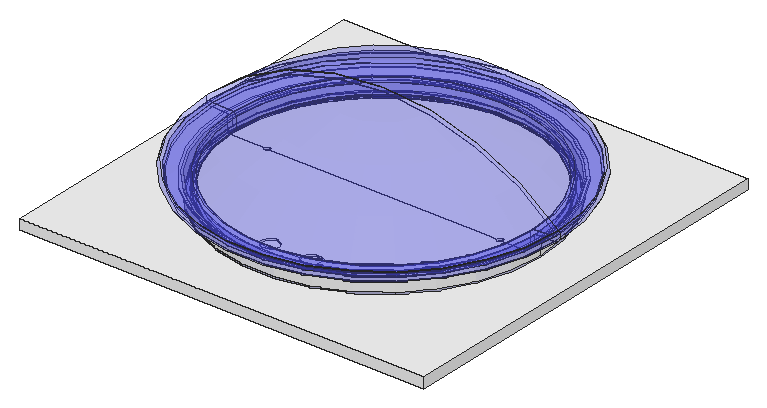
Revit family "BE_12143_de_DE", category Leuchten, Revit 2020
Family settings
  Basisbauteil = Fläche
  Bemaßung runder Anschluss = Durchmesser verwenden
  Teiletyp = Normal
  Beim Laden mit Abzugskörper schneiden = Ja
  Lichtquelle = Ja
  Gemeinsam genutzt = Nein
  Raumberechnungspunkt = Ja
Parameters (values of type "BEGA_12143_K3")
  built-in parameter 1150104 = 12.124 (stored number, unit not read)
  Wattage = 26.9 W
  Default Elevation = 0 mm
  built-in parameter 1150113 = 1 (stored number, unit not read)
  built-in parameter 1114218 = 1 (stored number, unit not read)
  Umgebungstemperatur = "25 °C"
  URL = "https://www.bega.com/de/produkt/12143"
  Typenkommentare = "© 2022 BEGA. Wir behalten uns das Recht vor, technische Änderungen ohne vorherige Ankündigung vorzunehmen."  # constant formula
  built-in parameter 1150134 = 12
  built-in parameter 1150109 = 1 (stored number, unit not read)
  Strom = ""
  built-in parameter 1150110 = 1 (stored number, unit not read)
  Spannung = 230 V
  Sonderanfertigung = no
  Seriennummer [instance] = "Hier können Sie die eindeutige Seriennummer für das Facility Management eintragen."
  Schutzklasse = "I"
  Schutzart = "IP 20"
  Scheinlast = 0 VA
  Produktdatenblatt = "http://www.bega.de/download/Xrfa/db/12143.db.de.pdf"
  Oberflächentemperatur = ""
  Neigungswinkel = 0.00°
  Model = "12143K4"
  Material_17 = BEGA_Reflektor
  Material_15 = BEGA_Leuchtmedium_matt
  Material_11 = BEGA_Glas_opal
  Material_09 = BEGA_Glas_klar
  Material_06 = BEGA_Oberfläche_Edelstahl_gebürstet
  Material_03 = BEGA_Oberfläche_Weiss_matt
  Material_02 = BEGA_Oberfläche_Silber_matt
  Material_01 [instance] = BEGA_Oberfläche_Grafit_matt
  M_W = no
  M_G = no
  M_A = no
  Logo = 0
  built-in parameter 1114217 = 1 (stored number, unit not read)
  built-in parameter 1150139 = (empty or 0)
  built-in parameter 1150105 = 984.85 (stored number, unit not read)
  built-in parameter 1150114 = 1 (stored number, unit not read)
  Lumens = 3510.45 lm
  built-in parameter 1150115 = 1 (stored number, unit not read)
  Leuchtenlichtstrom = "2296 lm"
  Leuchtenanzahl = ""
  Lebensdauerkriterien = "L70B50 @ 25 °C = 106000 h"
  Lastklassifizierung = Beleuchtung
  built-in parameter 1150112 = 1 (stored number, unit not read)
  Lampenlichtstrom = "3510 lm"
  Lamp = "LED 26.9 W"
  LED_Modulbezeichnung = "LED-0510/940"
  Hersteller = "BEGA"  # constant formula
  Halbstreuwinkel = ""
  Gewicht = "2.6 kg"
  Gebrauchslageneinschränkung [instance] = ""
  Frequenz = "50 Hz"
  Farbwiedergabeindex = "CRI > 90"
  Farbtemperaturverschiebung bei Dämpfen der Lampe = <Keine Auswahl>
  Farbtemperatur = "4000 K"
  Color Filter = 16777215
  built-in parameter 1150133 = 10 (stored number, unit not read)
  Energieeffizienzklasse = "LED A++ - A"
  built-in parameter 1150137 = (empty or 0)
  built-in parameter 1150132 = (empty or 0)
  ENEC = ""
  Dimmbar [instance] = ""
  Photometric Web File = "BE_12143K4.IES"
  CE_Konformität = "ja"
  Bestellnummer = "12143K4"
  Beschreibung_Sonderanfertigung = "Hier können Sie Informationen zur Sonderanfertigung eintragen."
  Beschreibung = "Decken- und Wandleuchte"
  built-in parameter 1150106 = 9.8485 (stored number, unit not read)
  Befestigungsbohrung = "Ø 5,5 mm"
  Befestigungsabstand = "230 mm"
  Ballwurfsicher = ""
  BEGA_Intern_aus = yes
  BEGA_Intern_an = yes
  BEGA_Intern_Konstruktion = yes
  BEGA_Intern = yes
  BEGA_IES = yes
  BEGA_Dummy = no
  Anschlussleitung = ""
  Anschlussleistung [instance] = "32.6 W"
  Anschlusskasten = ""
  built-in parameter 1150107 = 4000 (stored number, unit not read)
  built-in parameter 1150102 = (empty or 0)
  built-in parameter 1150138 = (empty or 0)
  Aktualisierung = "2020-07-27T04:00:12"
  Abstand_zur_angestrahlten_Fläche [instance] = ""
  AC/DC = "AC"
Types (2, lengths in mm): name | built-in parameter 1150104 | built-in parameter 1150134 | Model | built-in parameter 1150105 | Lumens | Leuchtenlichtstrom | Lampenlichtstrom | LED_Modulbezeichnung | Farbtemperatur | Photometric Web File | Bestellnummer | built-in parameter 1150106 | built-in parameter 1150107
  BEGA_12143_K3 | 11.687 (stored number, unit not read) | (empty or 0) | "12143K3" | 949.36 (stored number, unit not read) | 3384.02 lm | "2598 lm" | "3970 lm" | "LED-0510/930" | "3000 K" | "BE_12143K3.IES" | "12143K3" | 9.4936 (stored number, unit not read) | 3000 (stored number, unit not read)
  BEGA_12143_K27 | 12.124 (stored number, unit not read) | 12 | "12143K27" | 984.85 (stored number, unit not read) | 3510.45 lm | "2516 lm" | "3845 lm" | "LED-0510/927" | "2700 K" | "BE_12143K27.IES" | "12143K27" | 9.8485 (stored number, unit not read) | 4000 (stored number, unit not read)
Reference planes
  plane 1 "Mitte (Vorne/Hinten)": y = 0
  plane 2: z = 0
  plane 3 "Mitte (Links/Rechts)": x = 0
  plane 4 "Links": x = -175.231
  plane 5 "Rechts": x = 175.231
  plane 6 "Unten": y = -175.2
  plane 7 "Oben": y = 175.2
  plane 8 "Vorne": z = 98.4
  plane 9 "Hinten": z = 0
Forms (mm)
  Extrusion 1, solid, material "BEGA_Platte_Weiss"
    sketch origin (0, -1119.2, 0) x (1, 0, 0) y (0, 1, 0)
      loop
        line (-200, 1319.2) -> (-200, 919.2) -> (200, 919.2) -> (200, 1319.2) -> (-200, 1319.2)
    from 0 to -10
  Extrusion 2, solid, material "BEGA_Dummy_matt", visible <- "BEGA_Dummy"
    sketch origin (77.149, -76.023, 0) x (1, 0, 0) y (0, 1, 0)
      loop
        circle (-77.149, 76.023) r 175
    from 0 to 98.4
Dimensions and locks
  plane 1 "Mitte (Vorne/Hinten)" to Extrusion 1 = 200 mm
  aligned and locked: plane 2 to Extrusion 1
  aligned and locked: level to Extrusion 1
Nested families
  nested 1: "BE_12143" at (0, 0, 0) x (0, -1, 0) z (0, 0, 1), type "BE_12143"
Connectors
  electrical at (0, 0, 0), driven by "Lastklassifizierung", driven by "Spannung", driven by "Scheinlast"
    settings: index 1, voltage 230 V, apparent load 0 VA, apparent load phase1 0 VA, apparent load phase2 0 VA, apparent load phase3 0 VA, power factor 1, load classification "Beleuchtung", number of poles 1, system type 31, power factor state 1, is connector primary yes, connector utility no, sub classification motor no, connector description ""
Definition of nested family "BE_12143"
  Parameters (values of type "BE_12143")
    Default Elevation = 1 mm
    URL = "http://www.bega.de/de/produkt"
    Type Comments = "© 2015 BEGA. Wir behalten uns das Recht vor, technische Änderungen ohne vorherige Ankündigung vorzunehmen. "  # constant formula
    Type Image = (empty or 0)
    Neigungswinkel_um_Z2 = 0.00°
    Neigungswinkel_um_Z1 = 0.00°
    Neigungswinkel_um_Y2 = 0.00°
    Neigungswinkel_um_Y1 = 0.00°
    Neigungswinkel_um_X2 = 0.00°
    Neigungswinkel_um_X1 = 0.00°
    Material_17 = none
    Material_15 = none
    Material_11 = none
    Material_09 = none
    Material_06 = none
    Material_05 = none
    Material_03 = none
    Material_02 = none
    Material_01 = none
    M_W = yes
    M_G = yes
    M_A = yes
    Länge_Platte = 500 mm  # constant formula
    Höhe_Platte = -10 mm  # constant formula
    Manufacturer = "BEGA"  # constant formula
    Drehwinkel_um_Z2 = 0.00°
    Drehwinkel_um_Z1 = 0.00°
    Breite_Platte = 500 mm  # constant formula
  Reference planes
    plane 1 "Mitte (Oben/Unten)": y = 0
    plane 2: z = 0
    plane 3 "Mitte (Links/Rechts)": x = 0
    plane 4: y = 175.231
    plane 5: z = 98.4
    plane 6: y = -175.231
    plane 7: x = -175.2
    plane 8: x = 175.2
  Forms (mm)
    Extrusion 1, solid, detail levels medium
      sketch origin (0, 0, 0) x (1, 0, 0) y (0, 1, 0)
        loop
          line (-250, 250) -> (-250, -250) -> (250, -250) -> (250, 250) -> (-250, 250)
      from 0 to -10 <- "Höhe_Platte"
    Revolve 2, solid, material <- "Material_03", detail levels medium+fine
      sketch origin (0, 0, 0) x (0, 1, 0) y (0, 0, 1)
        loop
          line (159, 19.8) -> (159, 20.8) -> (156.831, 20.8)
          arc (156.831, 20.8) -> (155.563, 20.284) -> (155.024, 19.025) r 1.8
          line (155.024, 19.025) -> (154.767, 4.283)
          arc (154.767, 4.283) -> (154.468, 3.587) -> (153.767, 3.3) r 1
          line (153.767, 3.3) -> (0, 3.3) -> (0, 2.3) -> (153.767, 2.3)
          arc (153.767, 2.3) -> (155.169, 2.873) -> (155.767, 4.265) r 2
          line (155.767, 4.265) -> (156.024, 19.01)
          arc (156.024, 19.01) -> (156.264, 19.571) -> (156.829, 19.8) r 0.8
          line (156.829, 19.8) -> (159, 19.8)
        axis (0, 2.3) -> (0, 20.8)
      angle from 0 to 360
    Revolve 3, solid, material <- "Material_03", detail levels medium+fine
      sketch origin (0, 0, 0) x (0, 1, 0) y (0, 0, 1)
        loop
          arc (124.13, 1.943) -> (124.474, 2.206) -> (124.896, 2.3) r 1
          line (124.896, 2.3) -> (125.896, 3.3) -> (117.75, 3.3) -> (117.75, 0) -> (121.108, 0)
          arc (121.108, 0) -> (122.369, 0.281) -> (123.395, 1.067) r 3
          line (123.395, 1.067) -> (124.13, 1.943)
        axis (115, 3.3) -> (115, 0)
      angle from 0 to 360
    Revolve 4, solid, material <- "Material_03", detail levels medium+fine
      sketch origin (0, 0, 0) x (0, -1, 0) y (0, 0, 1)
        loop
          arc (124.13, 1.943) -> (124.474, 2.206) -> (124.896, 2.3) r 1
          line (124.896, 2.3) -> (125.896, 3.3) -> (117.75, 3.3) -> (117.75, 0) -> (121.108, 0)
          arc (121.108, 0) -> (122.369, 0.281) -> (123.395, 1.067) r 3
          line (123.395, 1.067) -> (124.13, 1.943)
        axis (115, 3.3) -> (115, 0)
      angle from 0 to 360
    Extrusion 5, void
      sketch origin (0, 0, 0) x (1, 0, 0) y (0, 1, 0)
        loop
          circle (115, 20) r 8.5
        loop
          circle (115, -20) r 8.5
        loop
          circle (0, 115) r 2.75
        loop
          circle (0, -115) r 2.75
      from 1.096 to 7.205
    Revolve 6, solid, material <- "Material_11", detail levels medium+fine
      sketch origin (0, 0, 0) x (0, 1, 0) y (0, 0, 1)
        loop
          line (153.75, 4.9) -> (153.75, 8.389)
          arc (153.75, 8.389) -> (153.616, 8.889) -> (153.25, 9.256) r 1
          line (153.25, 9.256) -> (149.499, 11.421)
          arc (149.499, 11.421) -> (149.133, 11.787) -> (149, 12.287) r 1
          line (149, 12.287) -> (149, 19.451)
          arc (149, 19.451) -> (149.277, 20.142) -> (149.956, 20.45) r 1
          line (149.956, 20.45) -> (169.559, 21.477)
          arc (169.559, 21.477) -> (174.894, 25.484) -> (173.228, 31.944) r 6
          arc (173.228, 31.944) -> (92.769, 81.216) -> (0, 98.4) r 258.999
          line (0, 98.4) -> (0, 94.4)
          arc (0, 94.4) -> (91.33, 77.483) -> (170.543, 28.978) r 255
          arc (170.543, 28.978) -> (171.123, 26.82) -> (169.341, 25.472) r 2
          line (169.341, 25.472) -> (148.791, 24.394)
          arc (148.791, 24.394) -> (146.425, 23.461) -> (145.1, 21.289) r 4
          line (145.1, 21.289) -> (145.1, 11.074)
          arc (145.1, 11.074) -> (145.5, 9.577) -> (146.592, 8.479) r 3.001
          line (146.592, 8.479) -> (148.263, 7.514)
          arc (148.263, 7.514) -> (149.358, 6.407) -> (149.75, 4.9) r 3.002
          line (149.75, 4.9) -> (153.75, 4.9)
        axis (0, 98.4) -> (0, 4.9)
      angle from 0 to 360
  Cuts and joins
    Extrusion 5 cuts Revolve 2
    Extrusion 5 cuts Revolve 3
    Extrusion 5 cuts Revolve 4
    joined: Revolve 2, Revolve 3, Revolve 4
  Dimensions and locks
    equal spacing: Extrusion 1 sketch curve, plane 3 "Mitte (Links/Rechts)", Extrusion 1 sketch curve
    equal spacing: Extrusion 1 sketch curve, plane 1 "Mitte (Oben/Unten)", Extrusion 1 sketch curve
    "Länge_Platte": Extrusion 1 sketch curve to Extrusion 1 sketch curve
    "Breite_Platte": Extrusion 1 sketch curve to Extrusion 1 sketch curve
    aligned and locked: Extrusion 1 to plane 2
    aligned and locked: level to Extrusion 1
  Automatic sketch dimensions
    Revolve 3 sketch curve to level = 0 mm
    level to Revolve 3 sketch curve = 3.3 mm
    Revolve 3 sketch curve to Revolve 3 sketch curve = 3.351 mm
    Revolve 3 sketch curve to Revolve 3 sketch curve = 0.007 mm
    level to Revolve 3 sketch curve = 1.067 mm
    Revolve 3 sketch curve to Revolve 3 sketch curve = 2.287 mm
    level to Revolve 3 sketch curve = 2.3 mm
    Revolve 3 sketch curve to Revolve 3 sketch curve = 1.501 mm
    Revolve 3 sketch curve to Revolve 3 sketch curve = 0 mm  (x2)
    Revolve 3 sketch curve to Revolve 3 sketch curve = 1 mm  (x2)
    Revolve 3 sketch curve to Revolve 3 sketch curve = 2.75 mm
    level to Revolve 3 sketch curve = 1.943 mm
    Revolve 3 sketch curve to Revolve 3 sketch curve = 0.766 mm
    Revolve 3 sketch curve to level = 2.001 mm
    Revolve 3 sketch curve to Revolve 3 sketch curve = 2 mm
    Revolve 4 sketch curve to level = 0 mm
    Revolve 4 sketch curve to level = 3.3 mm
    Revolve 4 sketch curve to Revolve 4 sketch curve = 3.351 mm
    Revolve 4 sketch curve to Revolve 4 sketch curve = 0.007 mm
    Revolve 4 sketch curve to level = 1.067 mm
    Revolve 4 sketch curve to Revolve 4 sketch curve = 2.287 mm
    Revolve 4 sketch curve to level = 2.3 mm
    Revolve 4 sketch curve to Revolve 4 sketch curve = 1.501 mm
    Revolve 4 sketch curve to Revolve 4 sketch curve = 0 mm  (x2)
    Revolve 4 sketch curve to Revolve 4 sketch curve = 1 mm  (x2)
    Revolve 4 sketch curve to Revolve 4 sketch curve = 2.75 mm
    Revolve 4 sketch curve to level = 1.943 mm
    Revolve 4 sketch curve to Revolve 4 sketch curve = 0.766 mm
    level to Revolve 4 sketch curve = 2.001 mm
    Revolve 4 sketch curve to Revolve 4 sketch curve = 2 mm
    Revolve 3 sketch curve to plane 1 "Mitte (Oben/Unten)" = 117.75 mm
    Revolve 4 sketch curve to plane 1 "Mitte (Oben/Unten)" = 117.75 mm
    Revolve 2 sketch curve to Revolve 2 sketch curve = 0 mm  (x11)
    Revolve 2 sketch curve to plane 1 "Mitte (Oben/Unten)" = 0 mm  (x2)
    level to Revolve 2 sketch curve = 4.3 mm
    level to Revolve 2 sketch curve = 4.283 mm
    Revolve 2 sketch curve to Revolve 2 sketch curve = 1 mm  (x4)
    Revolve 2 sketch curve to Revolve 2 sketch curve = 0.257 mm
    Revolve 2 sketch curve to Revolve 2 sketch curve = 0.8 mm
    Revolve 2 sketch curve to Revolve 2 sketch curve = 0.004 mm
    Revolve 2 sketch curve to Revolve 2 sketch curve = 0.002 mm
    Revolve 2 sketch curve to Revolve 2 sketch curve = 2.169 mm
    Revolve 2 sketch curve to Revolve 2 sketch curve = 14.717 mm
    Revolve 2 sketch curve to Revolve 2 sketch curve = 0.01 mm
    Revolve 2 sketch curve to Revolve 2 sketch curve = 0.015 mm
    level to Revolve 2 sketch curve = 4.265 mm
    Revolve 2 sketch curve to Revolve 2 sketch curve = 4 mm
    Revolve 6 sketch curve to Revolve 6 sketch curve = 0 mm  (x13)
    Revolve 6 sketch curve to plane 1 "Mitte (Oben/Unten)" = 0 mm  (x3)
    plane 1 "Mitte (Oben/Unten)" to Revolve 6 sketch curve = 0 mm
    level to Revolve 6 sketch curve = 8.479 mm
    Revolve 6 sketch curve to Revolve 6 sketch curve = 1.492 mm
    Revolve 6 sketch curve to Revolve 6 sketch curve = 0.156 mm
    Revolve 6 sketch curve to Revolve 6 sketch curve = 1.509 mm
    level to Revolve 6 sketch curve = 7.514 mm
    Revolve 6 sketch curve to Revolve 6 sketch curve = 1.671 mm
    Revolve 6 sketch curve to Revolve 6 sketch curve = 3.9 mm
    level to Revolve 6 sketch curve = 11.421 mm
    Revolve 6 sketch curve to Revolve 6 sketch curve = 1.397 mm
    Revolve 6 sketch curve to Revolve 6 sketch curve = 3.001 mm
    Revolve 6 sketch curve to Revolve 6 sketch curve = 0.956 mm
    Revolve 6 sketch curve to Revolve 6 sketch curve = 0.044 mm
    Revolve 6 sketch curve to Revolve 6 sketch curve = 0.501 mm
    Revolve 6 sketch curve to Revolve 6 sketch curve = 3.251 mm
    Revolve 6 sketch curve to Revolve 6 sketch curve = 1 mm
    Revolve 6 sketch curve to Revolve 6 sketch curve = 19.275 mm
    level to Revolve 6 sketch curve = 25.472 mm
    Revolve 6 sketch curve to Revolve 6 sketch curve = 0.11 mm
    level to Revolve 6 sketch curve = 21.477 mm
    Revolve 6 sketch curve to Revolve 6 sketch curve = 0.219 mm
    Revolve 6 sketch curve to Revolve 6 sketch curve = 2.591 mm
    Revolve 6 sketch curve to level = 160.599 mm
    Revolve 6 sketch curve to Revolve 6 sketch curve = 3.489 mm
    Revolve 6 sketch curve to Revolve 6 sketch curve = 0.348 mm
    Revolve 6 sketch curve to Revolve 6 sketch curve = 0.866 mm  (x2)
    Revolve 6 sketch curve to Revolve 6 sketch curve = 7.164 mm
    Revolve 6 sketch curve to Revolve 6 sketch curve = 0.949 mm
    Revolve 6 sketch curve to Revolve 6 sketch curve = 0.05 mm
    Revolve 6 sketch curve to Revolve 6 sketch curve = 0.889 mm
    Revolve 6 sketch curve to Revolve 6 sketch curve = 1.997 mm
    level to Revolve 6 sketch curve = 94.4 mm
    Revolve 6 sketch curve to Revolve 6 sketch curve = 4 mm
    Revolve 6 sketch curve to Revolve 6 sketch curve = 0.209 mm
    Revolve 6 sketch curve to Revolve 6 sketch curve = 0.499 mm
    Revolve 6 sketch curve to Revolve 6 sketch curve = 0.5 mm
    level to Revolve 6 sketch curve = 9.256 mm
    Revolve 6 sketch curve to Revolve 6 sketch curve = 0.07 mm
    Extrusion 5 sketch curve to plane 3 "Mitte (Links/Rechts)" = 0 mm  (x2)
    plane 1 "Mitte (Oben/Unten)" to Extrusion 5 sketch curve = 20 mm
    Extrusion 5 sketch curve to plane 1 "Mitte (Oben/Unten)" = 20 mm
    plane 3 "Mitte (Links/Rechts)" to Extrusion 5 sketch curve = 115 mm
    Extrusion 5 sketch curve to Extrusion 5 sketch curve = 0 mm
    Revolve 2 sketch curve to plane 1 "Mitte (Oben/Unten)" = 153.767 mm
    Extrusion 5 sketch curve to plane 1 "Mitte (Oben/Unten)" = 115 mm
    Revolve 6 sketch curve to plane 1 "Mitte (Oben/Unten)" = 145.1 mm
    plane 1 "Mitte (Oben/Unten)" to Extrusion 5 sketch curve = 115 mm
    Revolve 6 sketch curve to Revolve 6 sketch curve = 26.07 mm
    radius of Extrusion 5 sketch curve = 8.5 mm  (x2)
    radius of Extrusion 5 sketch curve = 2.75 mm  (x2)
